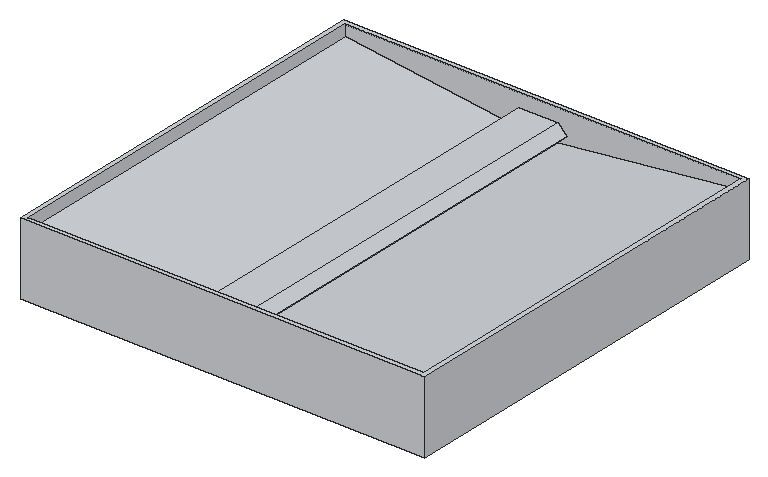
Revit family "LSER22", category Lighting Fixtures, host Face, Revit 2012
Parameters (values of type "LSER22-40VLG-R-ESD")
  Wattage Comments = ""
  Wattage = 9.2903 W
  WIDTH = 2' - 0"
  built-in parameter 1150110 = 1 (stored number, unit not read)
  Voltage = 0 V
  built-in parameter 1114217 = 1 (stored number, unit not read)
  Tilt Angle = 90.00°
  built-in parameter 1150109 = 1 (stored number, unit not read)
  built-in parameter 1150134 = 3
  built-in parameter 1150113 = 1 (stored number, unit not read)
  Product Page URL = "http://www.columbialighting.com/products/lser/"
  Product Documentation Link = "http://www.columbialighting.com/products/lser/"
  Power Factor = 1
  Photometric Web File = "itl78366.ies"
  Number of Poles = 1
  Model = "LSER22"
  Manufacturer = "COLUMBIA"
  built-in parameter 1150105 = 109.82 (stored number, unit not read)
  Lumens = 1380 lm
  built-in parameter 1150115 = 1 (stored number, unit not read)
  built-in parameter 1150137 = (empty or 0)
  built-in parameter 1150139 = (empty or 0)
  built-in parameter 1150112 = 1 (stored number, unit not read)
  built-in parameter 1150114 = 1 (stored number, unit not read)
  Lamp = ""
  LEGNTH = 4' - 6"
  built-in parameter 1150132 = (empty or 0)
  built-in parameter 1150102 = (empty or 0)
  built-in parameter 1150107 = 3200 (stored number, unit not read)
  built-in parameter 1150138 = (empty or 0)
  built-in parameter 1150106 = 1.0982 (stored number, unit not read)
  IES FILE LINK = "http://www.columbialighting.com/resources/photometry_search/"
  built-in parameter 1150104 = 13.8 (stored number, unit not read)
  Dimming Lamp Color Temperature Shift = <None>
  Default Elevation = 4' - 0"
  Color Filter = 16777215
  built-in parameter 1114218 = 1 (stored number, unit not read)
  built-in parameter 1150133 = 10 (stored number, unit not read)
  Apparent Load = 0 VA
Types (25): name | Photometric Web File
  (no name) | "itl78366.ies"
  LSER22-30HLG-C-ESD | "itl78367.ies"
  LSER22-30HLG-R-ESD | "itl78368.ies"
  LSER22-30LWG-C-ESD | "itl78371.ies"
  LSER22-30LWG-R-ESD | "itl78372.ies"
  LSER22-30MLG-C-ESD | "itl78353.ies"
  LSER22-30MLG-R-ESD | "itl78356.ies"
  LSER22-30VLG-C-ESD | "itl78369.ies"
  LSER22-30VLG-R-ESD | "itl78370.ies"
  LSER22-35HLG-C-ESD | "itl78359.ies"
  LSER22-35HLG-R-ESD | "itl78361.ies"
  LSER22-35LWG-C-ESD | "itl78349.ies"
  LSER22-35LWG-R-ESD | "itl78351.ies"
  LSER22-35MLG-C-ESD | "itl78354.ies"
  LSER22-35MLG-R-ESD | "itl78357.ies"
  LSER22-35VLG-C-ESD | "itl78363.ies"
  LSER22-35VLG-R-ESD | "itl78365.ies"
  LSER22-40HLG-C-ESD | "itl78360.ies"
  LSER22-40HLG-R-ESD | "itl78362.ies"
  LSER22-40LWG-C-ESD | "itl78350.ies"
  LSER22-40LWG-R-ESD | "itl78352.ies"
  LSER22-40MLG-C-ESD | "itl78355.ies"
  LSER22-40MLG-R-ESD | "itl78358.ies"
  LSER22-40VLG-C-ESD | "itl78364.ies"
  LSER22-40VLG-R-ESD | "itl78366.ies"
Reference planes (in)
  plane 1 "Center (Front/Back)": y = 0
  plane 2: z = 0
  plane 3 "Center (Left/Right)": x = 0
  plane 4: x = -11.75
  plane 5: y = 11.75
  plane 6: x = 12
  plane 7: y = -12
  plane 8: y = -11.75
  plane 9: x = 11.75
Forms (in)
  Extrusion 1, solid
    sketch origin (0, 0, 0) x (1, 0, 0) y (0, 1, 0)
      loop
        line (-12, 12) -> (-12, -12) -> (12, -12) -> (12, 12) -> (-12, 12)
    from 0 to -4.3125
  Extrusion 2, void
    sketch origin (0, 0, 0) x (1, 0, 0) y (0, 1, 0)
      loop
        line (-11.75, 11.75) -> (-11.75, -11.75) -> (11.75, -11.75) -> (11.75, 11.75) -> (-11.75, 11.75)
    from 0 to -4.3125
  Extrusion 3, solid
    sketch origin (0, 0, 0) x (1, 0, 0) y (0, 0, 1)
      loop
        line (-11.41519, -0.40894) -> (-11.16836, -2.4192) -> (11.33164, -2.4192) -> (11.33164, -0.4192) -> (1.15804, -1.66836) -> (1.68837, -1.13803) -> (1.15804, -0.6077) -> (-1.15804, -0.6077) -> (-1.68837, -1.13803) -> (-1.15804, -1.66836) -> (-11.41519, -0.40894)
    from 11.48351 to -11.40108
Cuts and joins
  Extrusion 2 cuts Extrusion 1
Lines and regions (in)
  reference lines
    curve 1: line (-11.33164, 0, -0.4192) -> (-1.15804, 0, -1.66836)
    curve 2: line (-1.15804, 0, -1.66836) -> (-1.68837, 0, -1.13803)
    curve 3: line (-1.68837, 0, -1.13803) -> (-1.15804, 0, -0.6077)
    curve 4: line (-1.15804, 0, -0.6077) -> (0, 0, -0.6077)
    curve 5: line (11.33164, 0, -0.4192) -> (1.15804, 0, -1.66836)
    curve 6: line (1.15804, 0, -1.66836) -> (1.68837, 0, -1.13803)
    curve 7: line (1.68837, 0, -1.13803) -> (1.15804, 0, -0.6077)
    curve 8: line (1.15804, 0, -0.6077) -> (0, 0, -0.6077)
Dimensions and locks (in)
  aligned and locked: plane 2 to host face
  aligned and locked: level to host face
Connectors (in)
  electrical at (0, 0, 0), driven by "Number of Poles", driven by "Voltage", driven by "Apparent Load", driven by "Power Factor"
    settings: on host face, index 1, voltage 0 V, apparent load 0 VA, apparent load phase1 0 VA, apparent load phase2 0 VA, apparent load phase3 0 VA, power factor 1, load classification "Other", number of poles 1, system type 31, power factor state 1, is connector primary yes, connector utility yes, sub classification motor no, connector description "Power"
